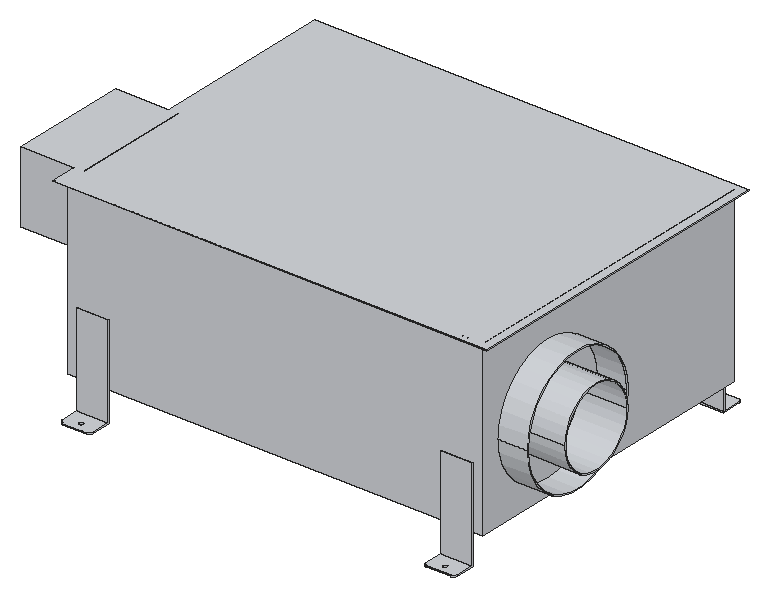
Revit family "PVHIN58-300", category Generic Models, host Face, Revit 2019
Family settings
  Host = Face
  Can host rebar = No
  Round Connector Dimension = Use Diameter
  Part Type = Normal
  Cut with Voids When Loaded = No
  Shared = No
  Room Calculation Point = No
Parameters
  Default Elevation = 48.00"
Reference planes (in)
  plane 1 "Center (Front/Back)": y = 0
  plane 2: z = 0
  plane 3 "Center (Left/Right)": x = 0
Forms (in)
  Extrusion 1, solid
    sketch origin (-72.61226, 31.17385, 0) x (1, 0, 0) y (0, 1, 0)
      loop
        line (59.36226, -32.41385) -> (55.36226, -32.41385) -> (55.36226, -40.00585) -> (59.36226, -40.00585) -> (59.36226, -32.41385)
    from 8.45 to 13
  Extrusion 2, solid
    sketch origin (-72.61226, 31.17385, 0) x (1, 0, 0) y (0, 1, 0)
      loop
        line (60.23725, -42.67385) -> (61.73725, -42.67385)
        arc (61.73725, -42.67385) -> (61.91388, -42.60048) -> (61.98695, -42.42373) r 0.25
        line (61.98695, -42.42373) -> (61.98695, -41.20985) -> (59.98695, -41.20985) -> (59.98695, -42.42411)
        arc (59.98695, -42.42411) -> (60.06038, -42.60083) -> (60.23725, -42.67385) r 0.25
      loop
        circle (60.98695, -42.17385) r 0.133
      loop
        arc (84.98726, -42.67385) -> (85.16413, -42.60083) -> (85.23756, -42.42411) r 0.25
        line (85.23756, -42.42411) -> (85.23756, -41.20985) -> (83.23756, -41.20985) -> (83.23756, -42.42373)
        arc (83.23756, -42.42373) -> (83.31063, -42.60048) -> (83.48726, -42.67385) r 0.25
        line (83.48726, -42.67385) -> (84.98726, -42.67385)
      loop
        circle (84.23756, -42.17385) r 0.133
      loop
        arc (60.23725, -19.67385) -> (60.06038, -19.74687) -> (59.98695, -19.92358) r 0.25
        line (59.98695, -19.92358) -> (59.98695, -21.13785) -> (61.98695, -21.13785) -> (61.98695, -19.92397)
        arc (61.98695, -19.92397) -> (61.91388, -19.74722) -> (61.73725, -19.67385) r 0.25
        line (61.73725, -19.67385) -> (60.23725, -19.67385)
      loop
        circle (60.98695, -20.17385) r 0.133
      loop
        line (84.98726, -19.67385) -> (83.48726, -19.67385)
        arc (83.48726, -19.67385) -> (83.31063, -19.74722) -> (83.23756, -19.92397) r 0.25
        line (83.23756, -19.92397) -> (83.23756, -21.13785) -> (85.23756, -21.13785) -> (85.23756, -19.92358)
        arc (85.23756, -19.92358) -> (85.16413, -19.74687) -> (84.98726, -19.67385) r 0.25
      loop
        circle (84.23756, -20.17385) r 0.133
    from 0 to 0.06
  Extrusion 3, solid
    sketch origin (-72.61226, 31.72098, 0) x (1, 0, 0) y (0, 1, 0)
      loop
        line (61.98695, -41.81698) -> (61.98695, -41.75698) -> (59.98695, -41.75698) -> (59.98695, -41.81698) -> (61.98695, -41.81698)
    from 0 to 5.96
  Extrusion 4, solid
    sketch origin (-13.25, 3.46321, -2.57178) x (0, 1, 0) y (0, 0, -1)
      loop
        circle (0.53679, -9.59681) r 4
      loop
        circle (0.53679, -9.59681) r 3.96
    from 0 to 1.928
  Extrusion 5, solid
    sketch origin (-13.25, 3.46321, -2.57178) x (0, 1, 0) y (0, 0, -1)
      loop
        circle (0.53679, -9.59681) r 2.5
      loop
        circle (0.53679, -9.59681) r 2.46
    from 0 to 3.128
  Extrusion 6, solid
    sketch origin (6.411, -0.536, 0) x (1, 0, 0) y (0, 1, 0)
      loop
        line (-19.661, 10.572) -> (-19.661, -9.5) -> (6.839, -9.5) -> (6.839, 10.572) -> (-19.661, 10.572)
    from 1.96 to 12.96
  Extrusion 7, solid
    sketch origin (6.411, -0.536, 0) x (1, 0, 0) y (0, 1, 0)
      loop
        line (-20.25, 11) -> (-20.25, -9.928) -> (7.428, -9.928) -> (7.428, 11) -> (-20.25, 11)
    from 12.96 to 13
  Extrusion 8, solid
    sketch origin (72.61226, 31.72098, 0) x (-1, 0, 0) y (0, -1, 0)
      loop
        line (61.98695, 41.81698) -> (59.98695, 41.81698) -> (59.98695, 41.75698) -> (61.98695, 41.75698) -> (61.98695, 41.81698)
    from 0 to 5.96
  Extrusion 9, solid
    sketch origin (-72.61226, -31.72098, 0) x (1, 0, 0) y (0, 1, 0)
      loop
        line (61.98695, 41.81698) -> (59.98695, 41.81698) -> (59.98695, 41.75698) -> (61.98695, 41.75698) -> (61.98695, 41.81698)
    from 0 to 5.96
  Extrusion 10, solid
    sketch origin (72.61226, -31.72098, 0) x (-1, 0, 0) y (0, -1, 0)
      loop
        line (61.98695, -41.81698) -> (61.98695, -41.75698) -> (59.98695, -41.75698) -> (59.98695, -41.81698) -> (61.98695, -41.81698)
    from 0 to 5.96
  Extrusion 11, solid
    sketch origin (13.25, -5.39179, -2.57178) x (0, 1, 0) y (0, 0, 1)
      loop
        circle (0.53679, 9.59681) r 4
      loop
        circle (0.53679, 9.59681) r 3.96
    from 0 to 1.928
  Extrusion 12, solid
    sketch origin (13.25, -5.39179, -2.57178) x (0, 1, 0) y (0, 0, 1)
      loop
        circle (0.53679, 9.59681) r 2.5
      loop
        circle (0.53679, 9.59681) r 2.46
    from 0 to 3.128
Cuts and joins
  joined: Extrusion 2, Extrusion 3, Extrusion 8
  joined: Extrusion 1, Extrusion 7
Lines and regions (in)
  symbolic lines
    curve 1: line (95.99374, 156.28449, 0) -> (97.99374, 156.28449, 0)
Dimensions and locks (in)
  Extrusion 6 to Extrusion 5 = 5.06503"
  aligned and locked: plane 2 to host face
  aligned and locked: level to host face
Connectors (in)
  hvac at (-16.378, 4, 7.02503)
    settings: on Extrusion 5, index 1, duct flow 0 CFM, flow factor 0, pres drop 0.00 in-wg, loss coef 0, conn angle 0.00°, conn width 12", conn height 12", conn diameter 5", duct sys type 1, conn prof type 0, flow config 0, flow direction 0, loss method 0, conn ref index -1, conn util no, is conn primary yes, conn desc ""
  hvac at (-15.178, 4, 7.02503)
    settings: on Extrusion 4, index 2, duct flow 0 CFM, flow factor 0, pres drop 0.00 in-wg, loss coef 0, conn angle 0.00°, conn width 12", conn height 12", conn diameter 8", duct sys type 1, conn prof type 0, flow config 0, flow direction 0, loss method 0, conn ref index -1, conn util no, is conn primary no, conn desc ""
  hvac at (16.378, -4.855, 7.02503)
    settings: on Extrusion 12, index 3, duct flow 0 CFM, flow factor 0, pres drop 0.00 in-wg, loss coef 0, conn angle 0.00°, conn width 12", conn height 12", conn diameter 5", duct sys type 1, conn prof type 0, flow config 0, flow direction 0, loss method 0, conn ref index -1, conn util no, is conn primary no, conn desc ""
  hvac at (15.178, -4.855, 7.02503)
    settings: on Extrusion 11, index 4, duct flow 0 CFM, flow factor 0, pres drop 0.00 in-wg, loss coef 0, conn angle 0.00°, conn width 12", conn height 12", conn diameter 8", duct sys type 1, conn prof type 0, flow config 0, flow direction 0, loss method 0, conn ref index -1, conn util no, is conn primary no, conn desc ""
